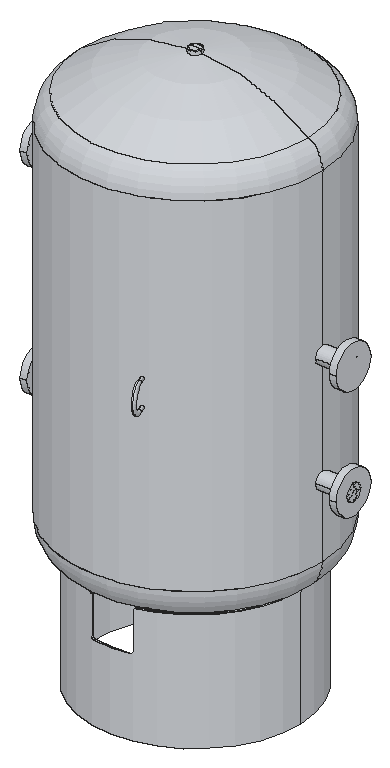
Revit family "HWBT-300-2-2-125 and 150", category Mechanical Equipment, Revit 2014
Parameters (values of type "HWBT-300-2-2-125 and 150")
  Tank Weight = "638 lbs @ 125, 702 lbs @ 150"
  Tank Volume = "300 Gal"
  Tank Height = "80 3/8\""
  Tank Diameter = "36\""
  Note = "All dimensions and weights are approximate"
  Maximum Acceptance Volume = "N/A"
  Max Operating Temp = "450° F"
  Max Operating Pressure = "125psi, or 150psi (depending on model)"
  Connector Size = "2\""
Reference planes (in)
  plane 1 "Center (Front/Back)": y = 0
  plane 2: z = 0
  plane 3 "Center (Left/Right)": x = 0
Forms (in)
  Sweep 1, solid
    path origin (0.00567, -0.22084, -0.12453) x (0.338389, -0.941006, 0) y (0, 0, 1)
      loop
        line (17.83546, 48.42089) -> (18.83546, 48.42089)
        arc (18.83546, 48.42089) -> (20.71046, 46.54589) -> (18.83546, 44.67089) r 1.875
        line (18.83546, 44.67089) -> (17.83546, 44.67089)
    profile origin (6.21019, -17.47463, 48.29636) x (0, 0, 1) y (-0.941006, -0.338389, 0)
      loop
        circle (0, 0) r 0.25
  Extrusion 2, solid
    sketch origin (0, 0, 0) x (1, 0, 0) y (0, 1, 0)
      loop
        circle (0, 0) r 15
      loop
        circle (0, 0) r 14.8125
    from 0 to 17
  Extrusion 3, void
    sketch origin (0, 0, 0) x (1, 0, 0) y (0, 0, 1)
      loop
        arc (-3.4137, 17) -> (-3.12117, 16.87883) -> (-3, 16.5863) r 0.4137
        line (-3, 16.5863) -> (-3, 11.4137)
        arc (-3, 11.4137) -> (-2.87883, 11.12117) -> (-2.5863, 11) r 0.4137
        line (-2.5863, 11) -> (2.5863, 11)
        arc (2.5863, 11) -> (2.87883, 11.12117) -> (3, 11.4137) r 0.4137
        line (3, 11.4137) -> (3, 16.5863)
        arc (3, 16.5863) -> (3.12117, 16.87883) -> (3.4137, 17) r 0.4137
        line (3.4137, 17) -> (3.45066, 17.20962) -> (-3.4137, 17.20962) -> (-3.4137, 17)
    from 0 to 18
  Extrusion 4, void
    sketch origin (0, 0, 0) x (1, 0, 0) y (0, 0, 1)
      loop
        line (-6, 17) -> (-6, 2.4137)
        arc (-6, 2.4137) -> (-5.87883, 2.12117) -> (-5.5863, 2) r 0.4137
        line (-5.5863, 2) -> (5.5863, 2)
        arc (5.5863, 2) -> (5.87883, 2.12117) -> (6, 2.4137) r 0.4137
        line (6, 2.4137) -> (6, 17.6637) -> (-6, 17.6637) -> (-6, 17)
    from 0 to -18
  Revolve 5, solid
    sketch origin (0, 0, 0) x (1, 0, 0) y (0, 0, 1)
      loop
        line (0, 80.88747) -> (-0.80591, 80.88747)
        arc (-0.80591, 80.88747) -> (-0.85014, 80.86915) -> (-0.86845, 80.82493) r 0.06254
        line (-0.86845, 80.82493) -> (-0.89214, 80.37289)
        arc (-0.89214, 80.37289) -> (-8.94224, 78.87372) -> (-16.17999, 75.04403) r 27.168
        arc (-16.17999, 75.04403) -> (-17.55638, 73.46039) -> (-18.082, 71.42911) r 4.57937
        line (-18.082, 71.42911) -> (-18.082, 21.72098)
        arc (-18.082, 21.72098) -> (-17.56016, 19.61914) -> (-16.17999, 17.95027) r 4.87859
        arc (-16.17999, 17.95027) -> (-8.93864, 14.12339) -> (-0.88417, 12.63757) r 27.06844
        line (-0.88417, 12.63757) -> (-0.86845, 12.18762)
        arc (-0.86845, 12.18762) -> (-0.85014, 12.1434) -> (-0.80591, 12.12508) r 0.06254
        line (-0.80591, 12.12508) -> (0, 12.12508) -> (0, 80.88747)
      axis (0, 80.88747) -> (0, 12.12508)
    angle from 0 to 360
  Extrusion 6, solid
    sketch origin (0, 0, 0) x (0, 1, 0) y (0, 0, 1)
      loop
        circle (0, 32.125) r 1.19
      loop
        circle (0, 48.125) r 1.19
    from 0 to 22.5
  Extrusion 7, solid
    sketch origin (0, 0, 0) x (0, 1, 0) y (0, 0, 1)
      loop
        circle (0, 32.125) r 1.19
      loop
        circle (0, 61.125) r 1.19141
    from 0 to -22.5
  Extrusion 8, solid
    sketch origin (0, 0, 0) x (0, 1, 0) y (0, 0, 1)
      loop
        circle (0, 32.125) r 3
      loop
        circle (0, 48.125) r 3
    from 21.5 to 22.5
  Extrusion 9, solid
    sketch origin (0, 0, 0) x (0, 1, 0) y (0, 0, 1)
      loop
        circle (0, 32.125) r 3
      loop
        circle (0, 61.125) r 3
    from -21.5 to -22.5
Cuts and joins
  Extrusion 3, Extrusion 4 cuts Extrusion 2
Dimensions and locks (in)
  aligned and locked: level to plane 2
